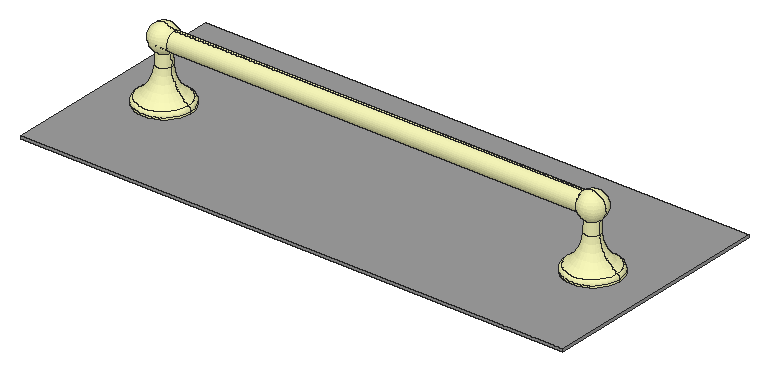
Revit family "663TB-18", category Plumbing Fixtures, host Face, Revit 2019
Family settings
  Host = Face
  Round Connector Dimension = Use Diameter
  Part Type = Normal
  OmniClass Number = 23.65.70.11.11
  OmniClass Title = Fixtures for Liquids
  Cut with Voids When Loaded = No
  Shared = No
  Room Calculation Point = No
Parameters (values of type "Satin Nickel")
  z Has Trim = no
  z Has Rebuild Kit Trim Only = no
  Waste Connection = no
  Vent Connection = no
  URL = ""
  Product Material = Nickel - Symmons - Satin
  Model = ""
  Manufacturer = ""
  HW Connection = no
  Gallons Per Minute = 0.000 GPM
  Description = ""
  Default Elevation = 0.000"
  Date Modified = ""
  Date Created = ""
  CW Connection = no
Types (2): name | Product Material
  Satin Nickel | Nickel - Symmons - Satin
  Polished Chrome | Chrome - Symmons - Polished
Reference planes (in)
  plane 1 "Center (Front/Back)": y = 0
  plane 2 "Center (Elevation)": z = 0
  plane 3 "Center (Left/Right)": x = 0
  plane 4: z = 0
  plane 5: z = 0
Forms (in)
  Extrusion 1, solid, material "Default"
    sketch origin (0, 0, 0) x (1, 0, 0) y (0, 1, 0)
      loop
        line (-11, 4) -> (-11, -5.47133) -> (11.16744, -5.47133) -> (11.16744, 4) -> (-11, 4)
    from 0 to -0.106
  Revolve 2, solid, material "Nickel - Symmons - Satin" <- "Product Material"
    sketch origin (0.93919, -0.93919, 0) x (1, 0, 0) y (0, 0, 1)
      loop
        line (-10.78824, 0) -> (-9.69833, 0) -> (-9.69833, 2.96005)
        arc (-9.69833, 2.96005) -> (-10.22024, 2.57122) -> (-9.99398, 1.96098) r 0.54289
        line (-9.99398, 1.96098) -> (-10.00292, 1.44882)
        arc (-10.00292, 1.44882) -> (-10.19351, 0.75708) -> (-10.69386, 0.2428) r 1.44215
        arc (-10.69386, 0.2428) -> (-10.76299, 0.17114) -> (-10.78824, 0.07483) r 0.19695
        line (-10.78824, 0.07483) -> (-10.78824, 0)
      axis (-9.69833, 2.96005) -> (-9.69833, 0)
    angle from 0 to 360
  Sweep 3, solid, material "Nickel - Symmons - Satin" <- "Product Material"
    path in 3D
      loop
        line (-9, -0.93919, 2.792) -> (9, -0.93919, 2.792)
    profile origin (0, -0.93919, 2.792) x (0, 1, 0) y (0, 0, 1)
      loop
        circle (0, -0.375) r 0.375
      loop
        circle (0, -0.375) r 0.345
  Revolve 4, solid, material "Nickel - Symmons - Satin" <- "Product Material"
    sketch origin (-0.93919, -0.93919, 0) x (-1, 0, 0) y (0, 0, -1)
      loop
        line (-10.78824, 0) -> (-10.78824, -0.07483)
        arc (-10.78824, -0.07483) -> (-10.76299, -0.17114) -> (-10.69386, -0.2428) r 0.19695
        arc (-10.69386, -0.2428) -> (-10.19351, -0.75708) -> (-10.00292, -1.44882) r 1.44215
        line (-10.00292, -1.44882) -> (-9.99398, -1.96098)
        arc (-9.99398, -1.96098) -> (-10.22024, -2.57122) -> (-9.69833, -2.96005) r 0.54289
        line (-9.69833, -2.96005) -> (-9.69833, 0) -> (-10.78824, 0)
      axis (-9.69833, -2.96005) -> (-9.69833, 0)
    angle from 0 to 360
Lines and regions (in)
  sketch lines
    curve 1: line (-9, -0.93919, 2.792) -> (9, -0.93919, 2.792)
Dimensions and locks (in)
  plane 4 to plane 2 "Center (Elevation)" = 0.000"
  plane 5 to plane 4 = 0.000"
  aligned and locked: plane 2 "Center (Elevation)" to Extrusion 1
  aligned and locked: level to Extrusion 1
